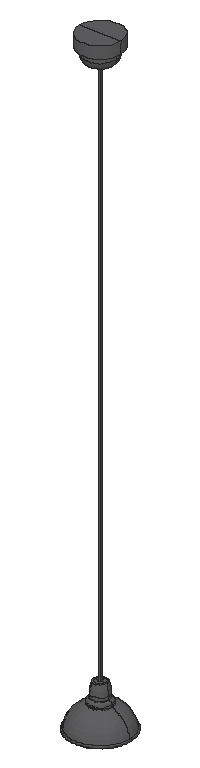
Revit family "BISTRO(8,12,14,16,18) MB", category Lighting Fixtures, Revit 2020
Family settings
  Round Connector Dimension = Use Diameter
  Part Type = Normal
  OmniClass Number = 23.80.70.00
  OmniClass Title = Lighting
  Work Plane-Based = No
  Always vertical = Yes
  Cut with Voids When Loaded = No
  Light Source = Yes
  Shared = No
  Room Calculation Point = No
Parameters (values of type "BB08")
  Weight = "1 lbs"
  Wattage Comments = "100W Max"
  Wattage = 0.68 W
  Warranty = "5 year limited warranty"  # constant formula
  built-in parameter 1150110 = 1 (stored number, unit not read)
  Voltage = 277 V
  URL = "https://www.anplighting.com/assets/Uploads/product-attachments/specification-sheets/ANP-Specification-Sheet-RLM-MB-BB08.pdf"
  built-in parameter 1114217 = 1 (stored number, unit not read)
  Tilt Angle = 90.00°
  built-in parameter 1150109 = 1 (stored number, unit not read)
  built-in parameter 1150134 = 12
  built-in parameter 1150113 = 1 (stored number, unit not read)
  Mounting Option [instance] = 1
  Power Factor = 1
  Post Mount [instance] = Mounting Option = 5  # no
  Placement X axis side [instance] = if(Post Mount, 2' 2 15/32", if(Cord or Stem Mount, 0' 0", if(E36 20 inch, 1' 8 1/4", if(E 6 26 inch, 2' 2", if(E7 41 inch, 3' 5 1/4", 0' 1")))))  # 0' - 0"
  Photometric Web File = "BB14-100GLCL-32WPL.ies"
  Model = "BB 08"
  Manufacturer = "ANP Lighting"  # constant formula
  built-in parameter 1150105 = 127.85 (stored number, unit not read)
  Lumens = 850 lm
  built-in parameter 1150115 = 1 (stored number, unit not read)
  Load Classification = Lighting
  Light Source Height [instance] = 0' - 3"
  built-in parameter 1150137 = (empty or 0)
  built-in parameter 1150139 = (empty or 0)
  Light Elevation _2 [instance] = if(Post Mount, 0' 0.66142", if(E7 41 inch, 0' 0.66142", if(E36 20 inch, 0' 1.65748", if(E 6 26 inch, 0' 1.53543", if(Cord or Stem Mount, (0' 4.3622" + Cord Length), 0' 0")))))  # 6' - 4.3622"
  Light Elevation _1 [instance] = if(Post Mount, 0' 0", if(E7 41 inch, 0' 0", if(E36 20 inch, 0' 1", if(E 6 26 inch, 0' 0.87402", if(Cord or Stem Mount, (0' 3.66142" + Cord Length), 0' 0")))))  # 6' - 3.66142"
  Light Elevation [instance] = if(Post Mount, 14' 0.5315", if(E7 41 inch, 0' 0", 0' 0"))  # 0' - 0"
  Life = "L70 50,000 hours"  # constant formula
  built-in parameter 1150112 = 1 (stored number, unit not read)
  built-in parameter 1150114 = 1 (stored number, unit not read)
  Lamp = "MB"
  built-in parameter 1150132 = 2
  built-in parameter 1150102 = (empty or 0)
  built-in parameter 1150107 = 4000 (stored number, unit not read)
  built-in parameter 1150138 = (empty or 0)
  built-in parameter 1150106 = 1.2785 (stored number, unit not read)
  Fixture Height = 0' - 5 3/4"
  Fixture Diameter = 0' - 8 1/8"
  Efficiency = "65-125 lumens per watt"  # constant formula
  built-in parameter 1150104 = 116.13 (stored number, unit not read)
  E7 41 inch [instance] = Mounting Option = 4  # no
  E36 20 inch [instance] = Mounting Option = 3  # no
  E 6 26 inch [instance] = Mounting Option = 2  # no
  Dimming Lamp Color Temperature Shift = <None>
  Dimming = "1%"  # constant formula
  Description = "120-277 Voltage"  # constant formula
  Default Elevation = 0' - 0"
  Cord or Stem Mount [instance] = Mounting Option = 1  # yes
  Cord Length option [instance] = 0
  Cord Length [instance] = if([2' Cord], 2' 0", if([4' Cord], 4' 0", if([8' Cord], 8' 0", if([10' Cord], 10' 0", if([6' Cord], 6' 0", 6' 0")))))  # 6' - 0"
  Construction Material = "Heavy Duty spun aluminum."  # constant formula
  Color Filter = 16777215
  CRI = ">90"  # constant formula
  Body Material = body
  Body Colour = "Spun aluminium"  # constant formula
  built-in parameter 1114218 = 1 (stored number, unit not read)
  BB18 = no
  BB16 = no
  BB14 = no
  BB12 = no
  BB08 = yes
  built-in parameter 1150133 = 10 (stored number, unit not read)
  Apparent Load = 100 VA
  8' Cord [instance] = Cord Length option = 8  # no
  6' Cord [instance] = Cord Length option = 6  # no
  4' Cord [instance] = Cord Length option = 4  # no
  2' Cord [instance] = Cord Length option = 2  # no
  10' Cord [instance] = Cord Length option = 10  # no
Types (6): name | Weight | Wattage Comments | Wattage | URL | Model | built-in parameter 1150105 | Lumens | Light Source Height | built-in parameter 1150106 | Fixture Height | Fixture Diameter | BB18 | BB16 | BB14 | BB12 | BB08 | Apparent Load
  (no name) | "1 lbs" | "100W Max" | 0.68 W | "https://www.anplighting.com/assets/Uploads/product-attachments/specification-sheets/ANP-Specification-Sheet-RLM-MB-BB08.pdf" | "BB 08" | 127.85 (stored number, unit not read) | 850 lm | 0' - 3" | 1.2785 (stored number, unit not read) | 0' - 5 3/4" | 0' - 8 1/8" | no | no | no | no | yes | 100 VA
  BB08 | "1 lbs" | "100W Max" | 0.68 W | "https://www.anplighting.com/assets/Uploads/product-attachments/specification-sheets/ANP-Specification-Sheet-RLM-MB-BB08.pdf" | "BB 08" | 127.85 (stored number, unit not read) | 850 lm | 0' - 3" | 1.2785 (stored number, unit not read) | 0' - 5 3/4" | 0' - 8 1/8" | no | no | no | no | yes | 100 VA
  BB12 | "1.5 lbs" | "100W Max" | 1.6 W | "https://www.anplighting.com/assets/Uploads/product-attachments/specification-sheets/ANP-Specification-Sheet-RLM-MB-BB12.pdf" | "BB 12" | 300.83 (stored number, unit not read) | 2000 lm | 0' - 6" | 3.0083 (stored number, unit not read) | 0' - 8 1/2" | 1' - 0" | no | no | no | yes | no | 100 VA
  BB14 | "1.5 lbs" | "200W Max" | 1.6 W | "https://www.anplighting.com/assets/Uploads/product-attachments/specification-sheets/ANP-Specification-Sheet-RLM-INC-BB14.pdf" | "BB 14" | 300.83 (stored number, unit not read) | 2000 lm | 0' - 6" | 3.0083 (stored number, unit not read) | 0' - 9 7/8" | 1' - 2" | no | no | yes | no | no | 200 VA
  BB16 | "1.5 lbs" | "200W Max" | 1.6 W | "https://www.anplighting.com/assets/Uploads/product-attachments/specification-sheets/ANP-Specification-Sheet-RLM-MB-BB16.pdf" | "BB 16" | 300.83 (stored number, unit not read) | 2000 lm | 0' - 6" | 3.0083 (stored number, unit not read) | 0' - 10" | 1' - 4" | no | yes | no | no | no | 200 VA
  BB18 | "2.5 lbs" | "200W Max" | 1.6 W | "https://www.anplighting.com/assets/Uploads/product-attachments/specification-sheets/ANP-Specification-Sheet-RLM-MB-BB18.pdf" | "BB 18" | 300.83 (stored number, unit not read) | 2000 lm | 0' - 6" | 3.0083 (stored number, unit not read) | 0' - 11 1/8" | 1' - 6" | yes | no | no | no | no | 200 VA
Reference planes (in)
  plane 1 "Light Source Axis (F/B)": y = 0
  plane 2: z = 0
  plane 3 "Light Source Axis (L/R)": x = 0
  plane 4 "Light Source Elevation": z = 0
  plane 5: z = 0
  plane 6: x = 0
  plane 7 "Bulb Position": z = -76.3622
  plane 8 "Canopy Position": z = -75.66142
  plane 9 "IES": z = -79.3622
Dimensions and locks (in)
  "Light Elevation": plane 5 to plane 2
  "Placement X axis side": plane 6 to plane 3 "Light Source Axis (L/R)"
  "Light Elevation _2": plane 5 to plane 7 "Bulb Position"
  "Light Elevation _1": plane 5 to plane 8 "Canopy Position"
  "Light Source Height": plane 7 "Bulb Position" to plane 9 "IES"
  locked: plane 4 "Light Source Elevation" to plane 2
  aligned and locked: level to plane 2
  aligned and locked: plane 1 "Light Source Axis (F/B)" to nested 5
  aligned and locked: nested 5 to plane 2
  aligned and locked: nested 1 to plane 3 "Light Source Axis (L/R)"
  aligned and locked: plane 3 "Light Source Axis (L/R)" to nested 2
  aligned and locked: plane 3 "Light Source Axis (L/R)" to nested 4
  aligned and locked: nested 3 to plane 5
  aligned and locked: plane 3 "Light Source Axis (L/R)" to nested 3
  aligned and locked: plane 3 "Light Source Axis (L/R)" to nested 5
  aligned and locked: plane 1 "Light Source Axis (F/B)" to nested 2
  aligned and locked: plane 1 "Light Source Axis (F/B)" to nested 1
  aligned and locked: plane 1 "Light Source Axis (F/B)" to nested 4
  aligned and locked: plane 1 "Light Source Axis (F/B)" to nested 3
  aligned and locked: plane 2 to nested 1
  aligned and locked: plane 2 to nested 2
  aligned and locked: nested 4 to plane 2
  aligned and locked: imposter light to plane 9 "IES"
  aligned and locked: imposter light to plane 6
  aligned and locked: nested 6 to plane 8 "Canopy Position"
  aligned and locked: nested 6 to plane 6
  aligned and locked: plane 8 "Canopy Position" to nested 7
  aligned and locked: nested 7 to plane 3 "Light Source Axis (L/R)"
  aligned and locked: nested 8 to plane 8 "Canopy Position"
  aligned and locked: nested 8 to plane 6
  aligned and locked: nested 9 to plane 8 "Canopy Position"
  aligned and locked: nested 9 to plane 6
  aligned and locked: nested 10 to plane 8 "Canopy Position"
  aligned and locked: nested 10 to plane 3 "Light Source Axis (L/R)"
Nested families (in)
  nested 1: "CORD OR STEM MOUNT" at (0, 0, -75.67), visible <- "Cord or Stem Mount", Cord or Stem Mount <- "Cord or Stem Mount", Body Material <- "Body Material", Light Elevation <- "Light Elevation", Cord Length <- "Cord Length", 10' Cord <- "10' Cord", 2' Cord <- "2' Cord", 4' Cord <- "4' Cord", 6' Cord <- "6' Cord", 8' Cord <- "8' Cord", type "CORD OR STEM MOUNT"
    with Light Elevation 0' - 0", Cord or Stem Mount yes, Cord Length 6' - 0", Body Material body, 8' Cord no, 6' Cord no, 4' Cord no, 2' Cord no, 10' Cord no
  nested 2: "E6 26 INCH" at (0, 0, 0), visible <- "E 6 26 inch", Chain Length <- "Cord Length", E 6 26 inch <- "E 6 26 inch", Placement X axis side <- "Placement X axis side", Body Material <- "Body Material", Light Elevation <- "Light Elevation", type "E6 26 INCH"
    with Placement X axis side 0' - 0", Light Elevation 0' - 0", E 6 26 inch no, Chain Length 6' - 0", Body Material body
  nested 3: "E7 41 INCH" at (0, 0, 0), Chain Length <- "Cord Length", visible <- "E7 41 inch", E7 41 inch <- "E7 41 inch", Placement X axis side <- "Placement X axis side", Body Material <- "Body Material", Light Elevation <- "Light Elevation", type "E7 41 INCH"
    with Placement X axis side 0' - 0", Light Elevation 0' - 0", E7 41 inch no, Chain Length 6' - 0", Body Material body
  nested 4: "E36 20 INCH" at (0, 0, 0), visible <- "E36 20 inch", E36 20 inch <- "E36 20 inch", Placement X axis side <- "Placement X axis side", Chain Length <- "Cord Length", Body Material <- "Body Material", Light Elevation <- "Light Elevation", type "E36 20 INCH"
    with Placement X axis side 0' - 0", Light Elevation 0' - 0", E36 20 inch no, Chain Length 6' - 0", Body Material body
  nested 5: "POST MOUNT" at (0, 0, 0), visible <- "Post Mount", Post Mount <- "Post Mount", Placement X axis side <- "Placement X axis side", Chain Length <- "Cord Length", Body Material <- "Body Material", Light Elevation <- "Light Elevation", type "POST MOUNT"
    with Post Mount no, Placement X axis side 0' - 0", Light Elevation 0' - 0", Chain Length 6' - 0", Body Material body
  nested 6: "BB08" at (0, 0, -75.66142), Light Elevation <- "Light Elevation", Body Material <- "Body Material", BB08 <- "BB08", visible <- "BB08", type "BB08"
    with Light Elevation 0' - 0", Body Material body, BB08 yes
  nested 7: "BB12" at (0, 0, -75.72392), visible <- "BB12", Body <- "Body Material", type "BB12"
    with Body body, Light Elevation 0' - 0", BB12 no
  nested 8: "BB14" at (0, 0, -75.72392), visible <- "BB14", Body <- "Body Material", BB14 <- "BB14", type "BB14"
    with Light Elevation 0' - 0 1/16", Body body, BB14 no
  nested 9: "BB16" at (0, 0, -75.66142), Light Elevation <- "Light Elevation", visible <- "BB16", BB16 <- "BB16", Body <- "Body Material", type "BB16"
    with Light Elevation 0' - 0", Body body, BB16 no
  nested 10: "BB18" at (0, 0, -75.66142), Light Elevation <- "Light Elevation", visible <- "BB18", BB18 <- "BB18", Body <- "Body Material", type "BB18"
    with Light Elevation 0' - 0", Body body, BB18 no
Definition of nested family "CORD OR STEM MOUNT"
  Parameters (values of type "CORD OR STEM MOUNT")
    URL = ""
    Model = ""
    Manufacturer = ""
    Light Elevation [instance] = 1' - 7.69"
    Default Elevation = 0' - 0"
    Cord or Stem Mount [instance] = yes
    Cord Length [instance] = 6' - 0"
    Body Material [instance] = none
    8' Cord [instance] = no
    6' Cord [instance] = no
    4' Cord [instance] = no
    2' Cord [instance] = no
    10' Cord [instance] = no
  Reference planes (in)
    plane 1 "Light Source Axis (F/B)": y = 0
    plane 2: z = 0
    plane 3 "Light Source Axis (L/R)": x = 0
    plane 4 "Light Source Elevation": z = 23.125
    plane 5: z = 91.69
    plane 6: z = 19.69
  Forms (in)
    Extrusion 1, void, not visible
      sketch origin (0, 0, 2.38154) x (1, 0, 0) y (0, 0, 1)
        loop
          circle (0, 4.59925) r 0.16583
      from 1.18594 to 1.75
    Extrusion 2, void, not visible
      sketch origin (0, 0, 2.38154) x (0.707107, -0.707107, 0) y (0, 0, 1)
        loop
          circle (0, 4.59925) r 0.16583
      from 1.18594 to 1.75
    Extrusion 3, void, not visible
      sketch origin (0, 0, 2.38154) x (0.707107, 0.707107, 0) y (0, 0, 1)
        loop
          circle (0, 4.59925) r 0.16583
      from 1.18594 to 1.75
    Extrusion 4, void, not visible
      sketch origin (0, 0, 2.38154) x (0, 1, 0) y (0, 0, 1)
        loop
          circle (0, 4.59925) r 0.16583
      from 1.18594 to 1.75
    Extrusion 5, void, not visible
      sketch origin (0, 0, 2.38154) x (-0.707107, 0.707107, 0) y (0, 0, 1)
        loop
          circle (0, 4.59925) r 0.16583
      from 1.18594 to 1.75
    Extrusion 6, void, not visible
      sketch origin (0, 0, 2.38154) x (-1, 0, 0) y (0, 0, 1)
        loop
          circle (0, 4.59925) r 0.20678
      from 1.18594 to 1.75
    Extrusion 7, void, not visible
      sketch origin (0, 0, 2.38154) x (-0.707107, -0.707107, 0) y (0, 0, 1)
        loop
          circle (0, 4.59925) r 0.16583
      from 1.18594 to 1.75
    Extrusion 8, void, not visible
      sketch origin (0, 0, 2.38154) x (0, -1, 0) y (0, 0, 1)
        loop
          circle (0, 4.59925) r 0.16583
      from 1.18594 to 1.75
    Revolve 9, solid, material <- "Body Material", visible <- "Cord or Stem Mount"
      sketch origin (0, 0, 174.56698) x (1, 0, 0) y (0, 0, 1)
        loop
          line (2.6875, -79.20698) -> (0, -79.20698) -> (0, -82.87698) -> (0.125, -82.87698) -> (0.125, -82.83698) -> (0.75, -82.83698)
          arc (0.75, -82.83698) -> (0.81694, -82.77004) -> (0.75, -82.7031) r 0.06694
          line (0.75, -82.7031) -> (0.89763, -82.7031) -> (1.00223, -82.5985) -> (1.06587, -82.5985)
          arc (1.06587, -82.5985) -> (1.80099, -82.29401) -> (2.10549, -81.55888) r 1.03962
          line (2.10549, -81.55888) -> (2.10549, -81.03899)
          arc (2.10549, -81.03899) -> (2.12951, -80.981) -> (2.1875, -80.95698) r 0.08201
          line (2.1875, -80.95698) -> (2.1875, -80.70698) -> (2.6875, -80.70698) -> (2.6875, -79.20698)
        axis (0, -79.20698) -> (0, -82.87698)
      angle from 0 to 360
    Revolve 10, solid, material <- "Body Material", visible <- "Cord or Stem Mount"
      sketch origin (0, 0, 0) x (1, 0, 0) y (0, 0, 1)
        loop
          line (0, 91.69) -> (-0.125, 91.69) -> (-0.125, 19.69) -> (0, 19.69) -> (0, 91.69)
        axis (0, 19.69) -> (0, 91.69)
      angle from 0 to 360
  Dimensions and locks (in)
    "Light Elevation": plane 6 to plane 2
    "Cord Length": plane 5 to plane 6
    locked: Revolve 10 sketch curve to Revolve 10 sketch curve at 0.125
    aligned and locked: level to plane 2
    aligned and locked: Revolve 10 sketch curve to plane 3 "Light Source Axis (L/R)"
    aligned and locked: Revolve 10 sketch curve to plane 6
    aligned and locked: Revolve 10 sketch curve to plane 5
    aligned and locked: plane 3 "Light Source Axis (L/R)" to Revolve 10 sketch curve
  Automatic sketch dimensions
    Revolve 9 sketch curve to plane 3 "Light Source Axis (L/R)" = 0' - 0"  (x2)
    Revolve 9 sketch curve to plane 5 = 0' - 0"
    plane 3 "Light Source Axis (L/R)" to Revolve 9 sketch curve = 0' - 0 1/8"
    Revolve 9 sketch curve to plane 5 = 0' - 0.17388"
    Revolve 9 sketch curve to Revolve 9 sketch curve = 0' - 0 5/8"
    Revolve 9 sketch curve to Revolve 9 sketch curve = 0' - 0.14763"
    Revolve 9 sketch curve to plane 5 = 0' - 0.27847"
    Revolve 9 sketch curve to Revolve 9 sketch curve = 0' - 0.1046"
    Revolve 9 sketch curve to Revolve 9 sketch curve = 0' - 0.06364"
    Revolve 9 sketch curve to Revolve 9 sketch curve = 0' - 1.03962"
    Revolve 9 sketch curve to Revolve 9 sketch curve = 0' - 0 21/256"
    Revolve 9 sketch curve to Revolve 9 sketch curve = 0' - 0 1/2"  (x2)
    Revolve 9 sketch curve to Revolve 9 sketch curve = 0' - 0.51989"
    Revolve 9 sketch curve to Revolve 9 sketch curve = 0' - 0 1/4"
    Revolve 9 sketch curve to Revolve 9 sketch curve = 0' - 2.3519"
    Revolve 9 sketch curve to Revolve 9 sketch curve = 0' - 1 1/4"
    Revolve 9 sketch curve to Revolve 9 sketch curve = 0' - 0.04"
    Revolve 10 sketch curve to Revolve 10 sketch curve = 0' - 0 1/2"
    Revolve 10 sketch curve to Revolve 10 sketch curve = 0' - 0.42345"
Definition of nested family "BB08"
  Parameters (values of type "BB08")
    Light Elevation [instance] = 4' - 0"
    Default Elevation = 0' - 0"
    Body Material [instance] = none
    BB08 [instance] = yes
  Reference planes (in)
    plane 1 "Center (Front/Back)": y = 0
    plane 2: z = 0
    plane 3 "Center (Left/Right)": x = 0
    plane 4: z = 48
  Dimensions and locks (in)
    "Light Elevation": plane 4 to plane 2
    aligned and locked: plane 2 to level
    aligned and locked: plane 3 "Center (Left/Right)" to nested 1
    aligned and locked: plane 1 "Center (Front/Back)" to nested 1
    aligned and locked: nested 1 to plane 4
  Nested families (in)
    nested 1: "BB08" at (0, 0, 39.16409), visible <- "BB08", BB08 <- "Body Material", Light Elevation <- "Light Elevation", type "BB08"
      with Light Elevation 4' - 0"
  Definition of nested family "BB08"
    Parameters (values of type "BB08")
      Light Elevation [instance] = 4' - 0"
      Default Elevation = 0' - 0"
      BB08 [instance] = none
    Reference planes (in)
      plane 1 "Center (Front/Back)": y = 0
      plane 2: z = 0
      plane 3 "Center (Left/Right)": x = 0
      plane 4: z = 48
    Forms (in)
      Revolve 1, solid, material <- "BB08"
        sketch origin (0, 0, 0) x (1, 0, 0) y (0, 0, 1)
          loop
            arc (-3.87733, 3.26014) -> (-3.96644, 3.22969) -> (-3.92857, 3.31591) r 0.05143
            line (-3.92857, 3.31591) -> (-3.92857, 3.39591)
            arc (-3.92857, 3.39591) -> (-4.03626, 3.18914) -> (-3.8051, 3.21945) r 0.13143
            line (-3.8051, 3.21945) -> (-3.78176, 3.38466)
            arc (-3.78176, 3.38466) -> (-3.02479, 5.10246) -> (-1.48389, 6.17459) r 3.46974
            arc (-1.48389, 6.17459) -> (-1.41166, 6.23003) -> (-1.38429, 6.31687) r 0.15143
            line (-1.38429, 6.31687) -> (-1.38429, 6.46284)
            arc (-1.38429, 6.46284) -> (-1.30744, 6.71439) -> (-1.11119, 6.8895) r 0.48795
            arc (-1.11119, 6.8895) -> (-1.04998, 6.94432) -> (-1.02642, 7.02304) r 0.15143
            line (-1.02642, 7.02304) -> (-1.02025, 7.40479)
            arc (-1.02025, 7.40479) -> (-0.94526, 8.08044) -> (-0.77141, 8.73763) r 4.59473
            arc (-0.77141, 8.73763) -> (-0.7615, 8.75087) -> (-0.74575, 8.75591) r 0.02714
            line (-0.74575, 8.75591) -> (-0.25, 8.75591) -> (-0.25, 8.83591) -> (-0.74575, 8.83591)
            arc (-0.74575, 8.83591) -> (-0.80792, 8.81603) -> (-0.84702, 8.76376) r 0.10714
            arc (-0.84702, 8.76376) -> (-1.02398, 8.09472) -> (-1.10022, 7.40689) r 4.67473
            line (-1.10022, 7.40689) -> (-1.10641, 7.02433)
            arc (-1.10641, 7.02433) -> (-1.11752, 6.9872) -> (-1.14639, 6.96134) r 0.07143
            arc (-1.14639, 6.96134) -> (-1.37509, 6.7571) -> (-1.46429, 6.46375) r 0.56795
            line (-1.46429, 6.46375) -> (-1.46429, 6.31687)
            arc (-1.46429, 6.31687) -> (-1.47795, 6.27485) -> (-1.51372, 6.24891) r 0.07143
            arc (-1.51372, 6.24891) -> (-3.13066, 5.09864) -> (-3.87733, 3.26014) r 3.54892
          axis (0, 8.83591) -> (0, 3.21945)
        angle from 0 to 360
    Dimensions and locks (in)
      "Light Elevation": plane 4 to plane 2
      aligned and locked: plane 2 to level
    Automatic sketch dimensions
      Revolve 1 sketch curve to Revolve 1 sketch curve = 0' - 0"  (x12)
      Revolve 1 sketch curve to plane 3 "Center (Left/Right)" = 0' - 0"
      Revolve 1 sketch curve to plane 3 "Center (Left/Right)" = 0' - 0 1/4"
      Revolve 1 sketch curve to plane 3 "Center (Left/Right)" = 0' - 0.34652"
      Revolve 1 sketch curve to Revolve 1 sketch curve = 0' - 0.00049"
      Revolve 1 sketch curve to Revolve 1 sketch curve = 0' - 0.49575"
      Revolve 1 sketch curve to plane 3 "Center (Left/Right)" = 0' - 0.89647"
      Revolve 1 sketch curve to Revolve 1 sketch curve = 0' - 0.12378"
      Revolve 1 sketch curve to Revolve 1 sketch curve = 0' - 0.00617"
      Revolve 1 sketch curve to Revolve 1 sketch curve = 0' - 0.07998"
      Revolve 1 sketch curve to Revolve 1 sketch curve = 0' - 0.07999"
      Revolve 1 sketch curve to Revolve 1 sketch curve = 0' - 0.07142"
      Revolve 1 sketch curve to Revolve 1 sketch curve = 0' - 0.48782"
      Revolve 1 sketch curve to Revolve 1 sketch curve = 0' - 0.08"  (x2)
      Revolve 1 sketch curve to Revolve 1 sketch curve = 0' - 0.07143"
      Revolve 1 sketch curve to Revolve 1 sketch curve = 0' - 3.43475"
      Revolve 1 sketch curve to Revolve 1 sketch curve = 0' - 0.02334"
      Revolve 1 sketch curve to Revolve 1 sketch curve = 0' - 0.14681"
      plane 3 "Center (Left/Right)" to Revolve 1 sketch curve = 0' - 3.57142"
      level to Revolve 1 sketch curve = 0' - 2.89656"
      Revolve 1 sketch curve to Revolve 1 sketch curve = 0' - 0.0007"
      level to Revolve 1 sketch curve = 0' - 3.21945"
      Revolve 1 sketch curve to Revolve 1 sketch curve = 0' - 0.04504"
      Revolve 1 sketch curve to Revolve 1 sketch curve = 0' - 0.05143"
      Revolve 1 sketch curve to Revolve 1 sketch curve = 0' - 0.01125"
      Revolve 1 sketch curve to Revolve 1 sketch curve = 0' - 3.41961"
      Revolve 1 sketch curve to Revolve 1 sketch curve = 0' - 0.13446"
      Revolve 1 sketch curve to Revolve 1 sketch curve = 0' - 0.14597"
      Revolve 1 sketch curve to Revolve 1 sketch curve = 0' - 0.00091"
      Revolve 1 sketch curve to Revolve 1 sketch curve = 0' - 0.5717"
      Revolve 1 sketch curve to Revolve 1 sketch curve = 0' - 0.00129"
      Revolve 1 sketch curve to Revolve 1 sketch curve = 0' - 0.00115"
      Revolve 1 sketch curve to Revolve 1 sketch curve = 0' - 0.78585"
      Revolve 1 sketch curve to Revolve 1 sketch curve = 0' - 0.38176"
      Revolve 1 sketch curve to Revolve 1 sketch curve = 0' - 0.0021"
      Revolve 1 sketch curve to Revolve 1 sketch curve = 0' - 1.32398"
      Revolve 1 sketch curve to Revolve 1 sketch curve = 0' - 0.02714"
      Revolve 1 sketch curve to Revolve 1 sketch curve = 0' - 0.02199"
      Revolve 1 sketch curve to Revolve 1 sketch curve = 0' - 0.70346"
      Revolve 1 sketch curve to Revolve 1 sketch curve = 0' - 0.60719"
Definition of nested family "E6 26 INCH"
  Parameters (values of type "E6 26 INCH")
    URL = ""
    Placement X axis side [instance] = 2' - 2"
    Model = ""
    Manufacturer = ""
    Light Elevation [instance] = 8' - 4"
    E 6 26 inch [instance] = yes
    Default Elevation = 0' - 0"
    Chain Length [instance] = 0' - 0"
    Body Material [instance] = none
  Reference planes (in)
    plane 1 "Light Source Axis (F/B)": y = 0
    plane 2: z = 0
    plane 3 "Light Source Axis (L/R)": x = 0
    plane 4 "Light Source Elevation": z = 23.125
    plane 5: z = 100
    plane 6: x = -26
    plane 7: z = 99.125
    plane 8: x = -24.12
    plane 9: x = -25.5474
  Forms (in)
    Extrusion 1, void, not visible
      sketch origin (0, 0, 2.38154) x (1, 0, 0) y (0, 0, 1)
        loop
          circle (0, 4.59925) r 0.16583
      from 1.18594 to 1.75
    Extrusion 2, void, not visible
      sketch origin (0, 0, 2.38154) x (0.707107, -0.707107, 0) y (0, 0, 1)
        loop
          circle (0, 4.59925) r 0.16583
      from 1.18594 to 1.75
    Extrusion 3, void, not visible
      sketch origin (0, 0, 2.38154) x (0.707107, 0.707107, 0) y (0, 0, 1)
        loop
          circle (0, 4.59925) r 0.16583
      from 1.18594 to 1.75
    Extrusion 4, void, not visible
      sketch origin (0, 0, 2.38154) x (0, 1, 0) y (0, 0, 1)
        loop
          circle (0, 4.59925) r 0.16583
      from 1.18594 to 1.75
    Extrusion 5, void, not visible
      sketch origin (0, 0, 2.38154) x (-0.707107, 0.707107, 0) y (0, 0, 1)
        loop
          circle (0, 4.59925) r 0.16583
      from 1.18594 to 1.75
    Extrusion 6, void, not visible
      sketch origin (0, 0, 2.38154) x (-1, 0, 0) y (0, 0, 1)
        loop
          circle (0, 4.59925) r 0.20678
      from 1.18594 to 1.75
    Extrusion 7, void, not visible
      sketch origin (0, 0, 2.38154) x (-0.707107, -0.707107, 0) y (0, 0, 1)
        loop
          circle (0, 4.59925) r 0.16583
      from 1.18594 to 1.75
    Extrusion 8, void, not visible
      sketch origin (0, 0, 2.38154) x (0, -1, 0) y (0, 0, 1)
        loop
          circle (0, 4.59925) r 0.16583
      from 1.18594 to 1.75
    Sweep 9, solid, material <- "Body Material", visible <- "E 6 26 inch"
      path origin (-41.25, 0, 168.51693) x (1, 0, 0) y (0, 0, 1)
        loop
          line (17.13, -68.51693) -> (27.68551, -68.51693)
          arc (27.68551, -68.51693) -> (28.47996, -68.34486) -> (29.13202, -67.8595) r 1.92004
          line (29.13202, -67.8595) -> (34.23651, -62.01155)
          arc (34.23651, -62.01155) -> (38.65464, -60.89667) -> (41.25, -64.64193) r 4
          line (41.25, -64.64193) -> (41.25, -69.39193)
      profile origin (-18.84224, 0, 100) x (0, 0, 1) y (0, -1, 0)
        loop
          circle (0, 0) r 0.5
    Revolve 10, solid, material <- "Body Material", visible <- "E 6 26 inch"
      sketch origin (-26, 0, 168.51693) x (1, 0, 0) y (0, 0, 1)
        loop
          line (0, -66.07943) -> (0, -68.51693) -> (1.88, -68.51693) -> (1.88, -67.69272) -> (0.4526, -67.69272) -> (0.4526, -66.54122) -> (0.33125, -66.54122) -> (0.33125, -66.07943) -> (0, -66.07943)
        axis (0, -68.51693) -> (1.88, -68.51693)
      angle from 0 to 360
    Extrusion 11, solid, material <- "Body Material", visible <- "E 6 26 inch"
      sketch origin (-26, 0, 168.51693) x (0, -1, 0) y (0, 0, -1)
        loop
          line (0.25, 68.51693) -> (0.25, 69.51693) -> (-0.25, 69.51693) -> (-0.25, 68.51693) -> (0.25, 68.51693)
      from 0.4526 to 1.88
  Cuts and joins
    joined: Revolve 10, Extrusion 11
  Dimensions and locks (in)
    "Light Elevation": plane 5 to plane 2
    "Placement X axis side": plane 3 "Light Source Axis (L/R)" to plane 6
    locked: plane 5 to plane 7 at 0.875
    Revolve 10 sketch curve to Revolve 10 sketch curve to Revolve 10 sketch curve to plane 6 = 0' - 1.4274" locked, 0' - 0.12135" locked, 0' - 0.33125" locked
    Revolve 10 sketch curve to Revolve 10 sketch curve to Revolve 10 sketch curve to plane 5 = 0' - 0.46179" locked, 0' - 1.1515" locked, 0' - 0 211/256" locked
    locked: Sweep 9 sketch curve to plane 6 at 1.88
    locked: Sweep 9 sketch curve to Sweep 9 sketch curve at 10.55551
    locked: Sweep 9 sketch curve to Sweep 9 sketch curve at 13.56449
    locked: Sweep 9 sketch curve to Sweep 9 sketch curve at 4.75
    locked: plane 9 to plane 6 at 0.4526
    locked: plane 8 to plane 9 at 1.4274
    aligned and locked: level to plane 2
    aligned and locked: Revolve 10 sketch curve to plane 6
    aligned and locked: plane 5 to Revolve 10 sketch curve
    aligned and locked: Revolve 10 sketch curve to plane 5
    aligned and locked: cut or joined group of Revolve 10, Extrusion 11 to plane 9
    aligned and locked: plane 8 to cut or joined group of Revolve 10, Extrusion 11
  Automatic sketch dimensions
    Sweep 9 sketch curve to plane 5 = 0' - 0"
    Sweep 9 sketch curve to Sweep 9 sketch curve = 0' - 4"
    Sweep 9 sketch curve to Sweep 9 sketch curve = 0' - 3.01349"
    plane 5 to Sweep 9 sketch curve = 0' - 0.65743"
    Sweep 9 sketch curve to Sweep 9 sketch curve = 0' - 1.4465"
    Sweep 9 sketch curve to plane 5 = 0' - 0 7/8"
    profile plane to Sweep 9 sketch curve = 0' - 0"
    Sweep 9 sketch curve to profile plane = 0' - 0"
    plane 6 to Revolve 10 sketch curve = 0' - 0.62562"
    Revolve 10 sketch curve to Revolve 10 sketch curve = 0' - 0 1/2"
    Extrusion 11 sketch curve to plane 5 = 0' - 0"
    plane 1 "Light Source Axis (F/B)" to Extrusion 11 sketch curve = 0' - 0 1/4"
    Extrusion 11 sketch curve to plane 1 "Light Source Axis (F/B)" = 0' - 0 1/4"
    plane 5 to Extrusion 11 sketch curve = 0' - 1"
    radius of Sweep 9 sketch curve = 0' - 0 1/2"
Definition of nested family "E7 41 INCH"
  Parameters (values of type "E7 41 INCH")
    URL = ""
    Placement X axis side [instance] = 4' - 2"
    Model = ""
    Manufacturer = ""
    Light Elevation [instance] = 8' - 4"
    E7 41 inch [instance] = yes
    Default Elevation = 0' - 0"
    Chain Length [instance] = 0' - 0"
    Body Material [instance] = none
  Reference planes (in)
    plane 1 "Light Source Axis (F/B)": y = 0
    plane 2: z = 0
    plane 3 "Light Source Axis (L/R)": x = 0
    plane 4 "Light Source Elevation": z = 23.125
    plane 5: z = 100
    plane 6: x = -50
  Forms (in)
    Extrusion 1, void, not visible
      sketch origin (0, 0, 2.38154) x (1, 0, 0) y (0, 0, 1)
        loop
          circle (0, 4.59925) r 0.16583
      from 1.18594 to 1.75
    Extrusion 2, void, not visible
      sketch origin (0, 0, 2.38154) x (0.707107, -0.707107, 0) y (0, 0, 1)
        loop
          circle (0, 4.59925) r 0.16583
      from 1.18594 to 1.75
    Extrusion 3, void, not visible
      sketch origin (0, 0, 2.38154) x (0.707107, 0.707107, 0) y (0, 0, 1)
        loop
          circle (0, 4.59925) r 0.16583
      from 1.18594 to 1.75
    Extrusion 4, void, not visible
      sketch origin (0, 0, 2.38154) x (0, 1, 0) y (0, 0, 1)
        loop
          circle (0, 4.59925) r 0.16583
      from 1.18594 to 1.75
    Extrusion 5, void, not visible
      sketch origin (0, 0, 2.38154) x (-0.707107, 0.707107, 0) y (0, 0, 1)
        loop
          circle (0, 4.59925) r 0.16583
      from 1.18594 to 1.75
    Extrusion 6, void, not visible
      sketch origin (0, 0, 2.38154) x (-1, 0, 0) y (0, 0, 1)
        loop
          circle (0, 4.59925) r 0.20678
      from 1.18594 to 1.75
    Extrusion 7, void, not visible
      sketch origin (0, 0, 2.38154) x (-0.707107, -0.707107, 0) y (0, 0, 1)
        loop
          circle (0, 4.59925) r 0.16583
      from 1.18594 to 1.75
    Extrusion 8, void, not visible
      sketch origin (0, 0, 2.38154) x (0, -1, 0) y (0, 0, 1)
        loop
          circle (0, 4.59925) r 0.16583
      from 1.18594 to 1.75
    Revolve 9, solid, material <- "Body Material", visible <- "E7 41 inch"
      sketch origin (-41.25, 0, 168.39193) x (1, 0, 0) y (0, 0, 1)
        loop
          line (-8.75, -66.20443) -> (-8.75, -68.51693) -> (-6.87, -68.51693) -> (-6.87, -67.69272) -> (-8.2974, -67.69272) -> (-8.2974, -66.54122) -> (-8.41875, -66.54122) -> (-8.41875, -66.20443) -> (-8.75, -66.20443)
        axis (-8.75, -68.51693) -> (-6.87, -68.51693)
      angle from 0 to 360
    Extrusion 10, solid, material <- "Body Material", visible <- "E7 41 inch"
      sketch origin (-41.25, 0, 168.39193) x (0, -1, 0) y (0, 0, -1)
        loop
          line (0.25, 68.51693) -> (0.25, 69.51693) -> (-0.25, 69.51693) -> (-0.25, 68.51693) -> (0.25, 68.51693)
      from -8.2974 to -6.87
    Sweep 11, solid, material <- "Body Material", visible <- "E7 41 inch"
      path origin (-41.25, 0, 168.39193) x (1, 0, 0) y (0, 0, 1)
        loop
          line (-6.87, -68.51693) -> (16.04011, -68.51693)
          arc (16.04011, -68.51693) -> (17.864, -68.13651) -> (19.38375, -67.0587) r 4.5625
          line (19.38375, -67.0587) -> (24.70217, -61.33018)
          arc (24.70217, -61.33018) -> (29.64465, -60.20324) -> (32.5, -64.39193) r 4.5
          line (32.5, -64.39193) -> (32.5, -68.39193)
      profile origin (-36.66494, 0, 99.875) x (0, 0, 1) y (0, -1, 0)
        loop
          circle (0, 0) r 0.5
  Dimensions and locks (in)
    "Placement X axis side": plane 3 "Light Source Axis (L/R)" to plane 6
    "Light Elevation": plane 5 to plane 2
    locked: Revolve 9 sketch curve to Revolve 9 sketch curve at 0.33125
    locked: Revolve 9 sketch curve to Revolve 9 sketch curve at 0.4526
    locked: Revolve 9 sketch curve to Revolve 9 sketch curve at 1.88
    locked: Revolve 9 sketch curve to Revolve 9 sketch curve at 0.82421
    locked: Revolve 9 sketch curve to Revolve 9 sketch curve at 1.1515
    locked: Revolve 9 sketch curve to Revolve 9 sketch curve at 0.33679
    locked: plane 5 to Revolve 9 sketch curve at 0.125
    locked: Extrusion 10 sketch curve to Extrusion 10 sketch curve at 0.5
    locked: Extrusion 10 sketch curve to Extrusion 10 sketch curve at 1
    locked: plane 5 to Extrusion 10 sketch curve at 0.125
    locked: plane 5 to Sweep 11 sketch curve at 0.125
    locked: Sweep 11 sketch curve to Sweep 11 sketch curve at 39.37
    locked: Sweep 11 sketch curve to Sweep 11 sketch curve at 4
    locked: plane 6 to Extrusion 10 at 0.4526
    locked: Sweep 11 sketch curve to plane 6 at 1.88
    locked: Extrusion 10 to Extrusion 10 at 1.4274
    aligned and locked: plane 2 to level
    aligned and locked: Revolve 9 sketch curve to plane 6
  Automatic sketch dimensions
    Revolve 9 sketch curve to plane 5 = 0' - 0 1/8"
    plane 6 to Revolve 9 sketch curve = 0' - 0.62562"
    Revolve 9 sketch curve to Revolve 9 sketch curve = 0' - 0 1/2"
    plane 1 "Light Source Axis (F/B)" to Extrusion 10 sketch curve = 0' - 0 1/4"
    Sweep 11 sketch curve to plane 5 = 0' - 0"
    Sweep 11 sketch curve to Sweep 11 sketch curve = 0' - 4 1/2"
    Sweep 11 sketch curve to Sweep 11 sketch curve = 0' - 3.29783"
    plane 5 to Sweep 11 sketch curve = 0' - 1.33323"
    Sweep 11 sketch curve to Sweep 11 sketch curve = 0' - 5.31842"
    Sweep 11 sketch curve to Sweep 11 sketch curve = 0' - 3.34364"
    profile plane to Sweep 11 sketch curve = 0' - 0"
    Sweep 11 sketch curve to profile plane = 0' - 0"
    radius of Sweep 11 sketch curve = 0' - 0 1/2"
Definition of nested family "E36 20 INCH"
  Parameters (values of type "E36 20 INCH")
    URL = ""
    Placement X axis side [instance] = 1' - 8 1/4"
    Model = ""
    Manufacturer = ""
    Light Elevation [instance] = 8' - 4"
    E36 20 inch [instance] = yes
    Default Elevation = 0' - 0"
    Chain Length [instance] = 0' - 0"
    Body Material [instance] = none
  Reference planes (in)
    plane 1 "Light Source Axis (F/B)": y = 0
    plane 2: z = 0
    plane 3 "Light Source Axis (L/R)": x = 0
    plane 4 "Light Source Elevation": z = 23.125
    plane 5: z = 99
    plane 6: x = -20.25
    plane 7: z = 100
    plane 8: x = -18.37008
    plane 9: x = -19.79724
  Forms (in)
    Extrusion 1, void, not visible
      sketch origin (0, 0, 2.38154) x (1, 0, 0) y (0, 0, 1)
        loop
          circle (0, 4.59925) r 0.16583
      from 1.18594 to 1.75
    Extrusion 2, void, not visible
      sketch origin (0, 0, 2.38154) x (0.707107, -0.707107, 0) y (0, 0, 1)
        loop
          circle (0, 4.59925) r 0.16583
      from 1.18594 to 1.75
    Extrusion 3, void, not visible
      sketch origin (0, 0, 2.38154) x (0.707107, 0.707107, 0) y (0, 0, 1)
        loop
          circle (0, 4.59925) r 0.16583
      from 1.18594 to 1.75
    Extrusion 4, void, not visible
      sketch origin (0, 0, 2.38154) x (0, 1, 0) y (0, 0, 1)
        loop
          circle (0, 4.59925) r 0.16583
      from 1.18594 to 1.75
    Extrusion 5, void, not visible
      sketch origin (0, 0, 2.38154) x (-0.707107, 0.707107, 0) y (0, 0, 1)
        loop
          circle (0, 4.59925) r 0.16583
      from 1.18594 to 1.75
    Extrusion 6, void, not visible
      sketch origin (0, 0, 2.38154) x (-1, 0, 0) y (0, 0, 1)
        loop
          circle (0, 4.59925) r 0.20678
      from 1.18594 to 1.75
    Extrusion 7, void, not visible
      sketch origin (0, 0, 2.38154) x (-0.707107, -0.707107, 0) y (0, 0, 1)
        loop
          circle (0, 4.59925) r 0.16583
      from 1.18594 to 1.75
    Extrusion 8, void, not visible
      sketch origin (0, 0, 2.38154) x (0, -1, 0) y (0, 0, 1)
        loop
          circle (0, 4.59925) r 0.16583
      from 1.18594 to 1.75
    Sweep 9, solid, material <- "Body Material", visible <- "E36 20 inch"
      path origin (-41.25, 0, 169.51693) x (1, 0, 0) y (0, 0, 1)
        loop
          line (22.88, -69.51693) -> (28.93827, -69.51693)
          arc (28.93827, -69.51693) -> (29.97705, -69.28152) -> (30.81284, -68.62128) r 2.40953
          line (30.81284, -68.62128) -> (34.13807, -64.50378)
          arc (34.13807, -64.50378) -> (38.58272, -63.24548) -> (41.25, -67.01693) r 4
          line (41.25, -67.01693) -> (41.25, -70.51693)
      profile origin (-15.34086, 0, 100) x (0, 0, 1) y (0, -1, 0)
        loop
          circle (0, 0) r 0.5
    Revolve 10, solid, material <- "Body Material", visible <- "E36 20 inch"
      sketch origin (-20.25, 0, 169.51693) x (1, 0, 0) y (0, 0, 1)
        loop
          line (0, -67.20443) -> (0, -69.51693) -> (1.88, -69.51693) -> (1.88, -68.69272) -> (0.4526, -68.69272) -> (0.4526, -67.54122) -> (0.33125, -67.54122) -> (0.33125, -67.20443) -> (0, -67.20443)
        axis (0, -69.51693) -> (1.88, -69.51693)
      angle from 0 to 360
    Extrusion 11, solid, material <- "Body Material", visible <- "E36 20 inch"
      sketch origin (-20.25, 0, 169.51693) x (0, -1, 0) y (0, 0, -1)
        loop
          line (0.25, 69.51693) -> (0.25, 70.51693) -> (-0.25, 70.51693) -> (-0.25, 69.51693) -> (0.25, 69.51693)
      from 1.87992 to 0.45276
  Cuts and joins
    joined: Revolve 10, Extrusion 11
  Dimensions and locks (in)
    "Light Elevation": plane 7 to plane 2
    "Placement X axis side": plane 3 "Light Source Axis (L/R)" to plane 6
    locked: plane 7 to plane 5 at 1
    Revolve 10 sketch curve to Revolve 10 sketch curve to Revolve 10 sketch curve to plane 7 = 0' - 0.33679" locked, 0' - 1.1515" locked, 0' - 0 211/256" locked
    locked: Sweep 9 sketch curve to plane 6 at 1.88
    locked: Sweep 9 sketch curve to Sweep 9 sketch curve at 6.05827
    locked: Sweep 9 sketch curve to Sweep 9 sketch curve at 12.31173
    locked: Sweep 9 sketch curve to Sweep 9 sketch curve at 3.5
    Revolve 10 sketch curve to Revolve 10 sketch curve to Revolve 10 sketch curve to plane 6 = 0' - 1.4274" locked, 0' - 0.12135" locked, 0' - 0.33125" locked
    locked: plane 9 to plane 6 at 0.45276
    locked: plane 8 to plane 9 at 1.42717
    aligned and locked: level to plane 2
    aligned and locked: plane 7 to Revolve 10 sketch curve
    aligned and locked: Revolve 10 sketch curve to plane 7
    aligned and locked: Revolve 10 sketch curve to plane 6
    aligned and locked: cut or joined group of Revolve 10, Extrusion 11 to plane 9
    aligned and locked: plane 8 to cut or joined group of Revolve 10, Extrusion 11
  Automatic sketch dimensions
    Sweep 9 sketch curve to plane 7 = 0' - 0"
    Sweep 9 sketch curve to plane 5 = 0' - 0"
    Sweep 9 sketch curve to Sweep 9 sketch curve = 0' - 4"
    Sweep 9 sketch curve to plane 7 = 0' - 0.89565"
    Sweep 9 sketch curve to Sweep 9 sketch curve = 0' - 3.32523"
    Sweep 9 sketch curve to Sweep 9 sketch curve = 0' - 1.87457"
    profile plane to Sweep 9 sketch curve = 0' - 0"
    Sweep 9 sketch curve to profile plane = 0' - 0"
    plane 6 to Revolve 10 sketch curve = 0' - 0.62562"
    Revolve 10 sketch curve to Revolve 10 sketch curve = 0' - 0 1/2"
    plane 7 to Extrusion 11 sketch curve = 0' - 0"
    Extrusion 11 sketch curve to plane 5 = 0' - 0"
    plane 1 "Light Source Axis (F/B)" to Extrusion 11 sketch curve = 0' - 0 1/4"
    Extrusion 11 sketch curve to plane 1 "Light Source Axis (F/B)" = 0' - 0 1/4"
    radius of Sweep 9 sketch curve = 0' - 0 1/2"
Definition of nested family "POST MOUNT"
  Parameters (values of type "POST MOUNT")
    URL = ""
    Post Mount [instance] = yes
    Placement X axis side [instance] = 2' - 2 1/2"
    Model = ""
    Manufacturer = ""
    Light Elevation [instance] = 14' - 0.5168"
    Default Elevation = 0' - 0"
    Chain Length [instance] = 0' - 0"
    Body Material [instance] = none
  Reference planes (in)
    plane 1 "Light Source Axis (F/B)": y = 0
    plane 2: z = 0
    plane 3 "Light Source Axis (L/R)": x = 0
    plane 4 "Light Source Elevation": z = 23.125
    plane 5: x = -26.5
    plane 6: z = 168.5168
  Forms (in)
    Extrusion 1, void, not visible
      sketch origin (0, 0, 2.38154) x (1, 0, 0) y (0, 0, 1)
        loop
          circle (0, 4.59925) r 0.16583
      from 1.18594 to 1.75
    Extrusion 2, void, not visible
      sketch origin (0, 0, 2.38154) x (0.707107, -0.707107, 0) y (0, 0, 1)
        loop
          circle (0, 4.59925) r 0.16583
      from 1.18594 to 1.75
    Extrusion 3, void, not visible
      sketch origin (0, 0, 2.38154) x (0.707107, 0.707107, 0) y (0, 0, 1)
        loop
          circle (0, 4.59925) r 0.16583
      from 1.18594 to 1.75
    Extrusion 4, void, not visible
      sketch origin (0, 0, 2.38154) x (0, 1, 0) y (0, 0, 1)
        loop
          circle (0, 4.59925) r 0.16583
      from 1.18594 to 1.75
    Extrusion 5, void, not visible
      sketch origin (0, 0, 2.38154) x (-0.707107, 0.707107, 0) y (0, 0, 1)
        loop
          circle (0, 4.59925) r 0.16583
      from 1.18594 to 1.75
    Extrusion 6, void, not visible
      sketch origin (0, 0, 2.38154) x (-1, 0, 0) y (0, 0, 1)
        loop
          circle (0, 4.59925) r 0.20678
      from 1.18594 to 1.75
    Extrusion 7, void, not visible
      sketch origin (0, 0, 2.38154) x (-0.707107, -0.707107, 0) y (0, 0, 1)
        loop
          circle (0, 4.59925) r 0.16583
      from 1.18594 to 1.75
    Extrusion 8, void, not visible
      sketch origin (0, 0, 2.38154) x (0, -1, 0) y (0, 0, 1)
        loop
          circle (0, 4.59925) r 0.16583
      from 1.18594 to 1.75
    Revolve 9, solid, material <- "Body Material", visible <- "Post Mount"
      sketch origin (-7.90508, 0, 0) x (1, 0, 0) y (0, 0, 1)
        loop
          line (-18.59492, 3.92912) -> (-16.29831, 3.92912) -> (-16.29831, 4.2668) -> (-16.91413, 4.2668) -> (-16.91413, 134.5168) -> (-17.16413, 134.5168) -> (-17.16413, 137.3918) -> (-17.05979, 137.3918)
          arc (-17.05979, 137.3918) -> (-16.93479, 137.5168) -> (-17.05979, 137.6418) r 0.125
          line (-17.05979, 137.6418) -> (-17.48032, 137.6418) -> (-17.48032, 139.0793) -> (-17.73032, 139.0793) -> (-17.73032, 139.5793) -> (-18.59492, 139.5793) -> (-18.59492, 3.92912)
        axis (-18.59492, 139.5793) -> (-18.59492, 3.92912)
      angle from 0 to 360
    Extrusion 10, solid, material <- "Body Material", visible <- "Post Mount"
      sketch origin (0, 0, 0) x (1, 0, 0) y (0, 1, 0)
        loop
          line (-20.5, 5.93079) -> (-32.5, 5.93079) -> (-32.5, -6.06921) -> (-20.5, -6.06921) -> (-20.5, 5.93079)
      from 0 to 3.92912
    Sweep 11, solid, material <- "Body Material", visible <- "Post Mount"
      path origin (0, 0, 48.5) x (1, 0, 0) y (0, 0, 1)
        loop
          line (0, 120.0168) -> (0, 128.0168)
          arc (0, 128.0168) -> (-13.25, 141.2668) -> (-26.5, 128.0168) r 13.25
          line (-26.5, 128.0168) -> (-26.5, 91.0793)
      profile origin (0, 0, 172.5168) x (-1, 0, 0) y (0, -1, 0)
        loop
          circle (0, 0) r 0.5
    Revolve 12, solid, material <- "Body Material", visible <- "Post Mount"
      sketch origin (0, 0, 0) x (1, 0, 0) y (0, 0, 1)
        loop
          line (0, 168.5168) -> (0.75, 168.5168) -> (0.75, 170.7668) -> (0, 170.7668) -> (0, 168.5168)
        axis (0, 170.7668) -> (0, 168.5168)
      angle from 0 to 360
  Cuts and joins
    joined: Revolve 9, Extrusion 10, Sweep 11, Revolve 12
  Dimensions and locks (in)
    "Placement X axis side": plane 3 "Light Source Axis (L/R)" to plane 5
    "Light Elevation": plane 6 to plane 2
    locked: Revolve 12 sketch curve to plane 5 at 26.5  (x2)
    locked: Revolve 9 sketch curve to plane 2 at 3.92912
    locked: Revolve 9 sketch curve to plane 5 at 2.29661
    locked: Revolve 9 sketch curve to plane 5 at 1.68079
    locked: Revolve 9 sketch curve to plane 5 at 1.43079
    locked: Revolve 9 sketch curve to plane 5 at 1.11461
    locked: Revolve 9 sketch curve to plane 5 at 0.86461
    locked: Revolve 9 sketch curve to Revolve 9 sketch curve at 130.58768
    locked: Revolve 9 sketch curve to Revolve 9 sketch curve at 2.875
    locked: Revolve 9 sketch curve to Revolve 9 sketch curve at 0.25
    locked: Revolve 9 sketch curve to Revolve 9 sketch curve at 1.4375
    locked: Revolve 9 sketch curve to Revolve 9 sketch curve at 0.5
    locked: Sweep 11 sketch curve to Sweep 11 sketch curve at 26.5
    locked: Revolve 12 sketch curve to Revolve 12 sketch curve at 0.75
    locked: cut or joined group of Revolve 9, Extrusion 10, Sweep 11, Revolve 12 to plane 2 at 139.5793
    aligned and locked: level to plane 2
    aligned and locked: plane 5 to Sweep 11 sketch curve
    aligned and locked: Revolve 9 sketch curve to plane 5
  Automatic sketch dimensions
    Revolve 9 sketch curve to plane 5 = 0' - 0"
    Revolve 9 sketch curve to Revolve 9 sketch curve = 0' - 0.10434"
    Revolve 9 sketch curve to Revolve 9 sketch curve = 0' - 0.33768"
    Revolve 9 sketch curve to Revolve 9 sketch curve = 0' - 0 1/4"
    Revolve 9 sketch curve to Revolve 9 sketch curve = 0' - 0 7/16"
    Extrusion 10 sketch curve to plane 5 = 0' - 6"
    plane 5 to Extrusion 10 sketch curve = 0' - 6"
    plane 1 "Light Source Axis (F/B)" to Extrusion 10 sketch curve = 0' - 6.06921"
    Extrusion 10 sketch curve to plane 1 "Light Source Axis (F/B)" = 0' - 5.93079"
    Sweep 11 sketch curve to profile plane = 0' - 0"
    profile plane to Sweep 11 sketch curve = 0' - 0"
    Sweep 11 sketch curve to plane 6 = 0' - 0"
    Sweep 11 sketch curve to plane 6 = 0' - 8"
    plane 6 to Sweep 11 sketch curve = 2' - 4 15/16"
    Revolve 12 sketch curve to plane 6 = 0' - 0"
    Revolve 12 sketch curve to plane 6 = 0' - 2 1/4"
    Revolve 12 sketch curve to Revolve 12 sketch curve = 0' - 0 1/2"
    Revolve 12 sketch curve to Revolve 12 sketch curve = 0' - 0"
    radius of Sweep 11 sketch curve = 0' - 0 1/2"
Definition of nested family "BB12"
  Parameters
    Light Elevation = 4' - 0"
    Default Elevation = 0' - 0"
    Body [instance] = none
    BB12 = yes
  Reference planes (in)
    plane 1 "Center (Front/Back)": y = 0
    plane 2: z = 0
    plane 3 "Center (Left/Right)": x = 0
    plane 4: z = 48
  Dimensions and locks (in)
    "Light Elevation": plane 4 to plane 2
    aligned and locked: plane 2 to level
    aligned and locked: plane 3 "Center (Left/Right)" to nested 1
    aligned and locked: nested 1 to plane 4
    aligned and locked: plane 1 "Center (Front/Back)" to nested 1
  Nested families (in)
    nested 1: "BB12" at (0, 0, 34.64786), visible <- "BB12", BB12 <- "Body", type "BB12"
      with BB12 none
  Definition of nested family "BB12"
    Parameters (values of type "BB12")
      Default Elevation = 0' - 0"
      BB12 [instance] = none
    Reference planes (in)
      plane 1 "Center (Front/Back)": y = 0
      plane 2: z = 0
      plane 3 "Center (Left/Right)": x = 0
    Forms (in)
      Revolve 1, solid, material <- "BB12"
        sketch origin (0, 0, 0) x (1, 0, 0) y (0, 0, 1)
          loop
            arc (-5.81751, 5.05889) -> (-5.84851, 5.02628) -> (-5.89187, 5.01427) r 0.08427
            arc (-5.89187, 5.01427) -> (-5.9365, 5.05889) -> (-5.89187, 5.10352) r 0.04462
            line (-5.89187, 5.10352) -> (-5.89187, 5.16602)
            arc (-5.89187, 5.16602) -> (-5.999, 5.05889) -> (-5.89187, 4.95177) r 0.10712
            arc (-5.89187, 4.95177) -> (-5.81051, 4.97638) -> (-5.75644, 5.04197) r 0.14677
            arc (-5.75644, 5.04197) -> (-4.64777, 7.76842) -> (-2.25021, 9.47557) r 5.27177
            arc (-2.25021, 9.47557) -> (-2.16578, 9.53725) -> (-2.13356, 9.63671) r 0.16963
            line (-2.13356, 9.63671) -> (-2.13356, 9.8563)
            arc (-2.13356, 9.8563) -> (-2.00944, 10.26358) -> (-1.6918, 10.54713) r 0.78929
            arc (-1.6918, 10.54713) -> (-1.62324, 10.60854) -> (-1.59684, 10.69671) r 0.16962
            line (-1.59684, 10.69671) -> (-1.58758, 11.26983)
            arc (-1.58758, 11.26983) -> (-1.47421, 12.29189) -> (-1.21125, 13.28602) r 6.94842
            arc (-1.21125, 13.28602) -> (-1.17542, 13.33392) -> (-1.11844, 13.35214) r 0.09819
            line (-1.11844, 13.35214) -> (-0.25, 13.35214) -> (-0.25, 13.41464) -> (-1.11844, 13.41464)
            arc (-1.11844, 13.41464) -> (-1.21169, 13.38482) -> (-1.27032, 13.30643) r 0.16069
            arc (-1.27032, 13.30643) -> (-1.53571, 12.30304) -> (-1.65006, 11.27147) r 7.01092
            line (-1.65006, 11.27147) -> (-1.65933, 10.69772)
            arc (-1.65933, 10.69772) -> (-1.676, 10.64204) -> (-1.7193, 10.60326) r 0.10712
            arc (-1.7193, 10.60326) -> (-2.06229, 10.29695) -> (-2.19606, 9.85699) r 0.85179
            line (-2.19606, 9.85699) -> (-2.19606, 9.63671)
            arc (-2.19606, 9.63671) -> (-2.21656, 9.5737) -> (-2.27021, 9.53479) r 0.10713
            arc (-2.27021, 9.53479) -> (-4.69332, 7.81156) -> (-5.81751, 5.05889) r 5.33427
          axis (0, 13.41464) -> (0, 4.95177)
        angle from 0 to 360
    Dimensions and locks (in)
      aligned and locked: plane 2 to level
Definition of nested family "BB14"
  Parameters (values of type "BB14")
    Light Elevation [instance] = 4' - 0"
    Default Elevation = 0' - 0"
    Body [instance] = none
    BB14 [instance] = yes
  Reference planes (in)
    plane 1 "Center (Front/Back)": y = 0
    plane 2: z = 0
    plane 3 "Center (Left/Right)": x = 0
    plane 4: z = 48
  Dimensions and locks (in)
    "Light Elevation": plane 4 to plane 2
    aligned and locked: plane 2 to level
    aligned and locked: plane 1 "Center (Front/Back)" to nested 1
    aligned and locked: plane 3 "Center (Left/Right)" to nested 1
    aligned and locked: nested 1 to plane 4
  Nested families (in)
    nested 1: "BB14" at (0, 0, 35.2813), BB14 <- "Body", visible <- "BB14", type "BB14"
      with BB14 none
  Definition of nested family "BB14"
    Parameters (values of type "BB14")
      Default Elevation = 0' - 0"
      BB14 [instance] = none
    Reference planes (in)
      plane 1 "Center (Front/Back)": y = 0
      plane 2: z = 0
      plane 3 "Center (Left/Right)": x = 0
    Forms (in)
      Revolve 1, solid, material <- "BB14"
        sketch origin (0, 0, 0) x (1, 0, 0) y (0, 0, 1)
          loop
            line (-0.25, 12.7187) -> (-1.30507, 12.7187)
            arc (-1.30507, 12.7187) -> (-1.41387, 12.68391) -> (-1.48229, 12.59243) r 0.1875
            arc (-1.48229, 12.59243) -> (-1.79196, 11.42162) -> (-1.92539, 10.21792) r 8.18077
            line (-1.92539, 10.21792) -> (-1.93621, 9.54843)
            arc (-1.93621, 9.54843) -> (-1.95567, 9.48346) -> (-2.00619, 9.43821) r 0.125
            arc (-2.00619, 9.43821) -> (-2.4064, 9.08079) -> (-2.5625, 8.56742) r 0.99392
            line (-2.5625, 8.56742) -> (-2.5625, 8.31039)
            arc (-2.5625, 8.31039) -> (-2.58642, 8.23685) -> (-2.64902, 8.19146) r 0.125
            arc (-2.64902, 8.19146) -> (-5.45401, 6.20741) -> (-6.63151, 2.97973) r 5.76315
            arc (-6.63151, 2.97973) -> (-6.65567, 2.92809) -> (-6.70839, 2.90698) r 0.07637
            line (-6.70839, 2.90698) -> (-6.86517, 2.90698)
            arc (-6.86517, 2.90698) -> (-6.93731, 2.96377) -> (-6.875, 3.0312) r 0.0625
            line (-6.875, 3.0312) -> (-6.875, 3.0937)
            arc (-6.875, 3.0937) -> (-6.99981, 2.96173) -> (-6.86108, 2.84448) r 0.125
            line (-6.86108, 2.84448) -> (-6.70839, 2.84448)
            arc (-6.70839, 2.84448) -> (-6.61253, 2.88287) -> (-6.56967, 2.97681) r 0.13887
            arc (-6.56967, 2.97681) -> (-5.40435, 6.16946) -> (-2.62978, 8.13199) r 5.70065
            arc (-2.62978, 8.13199) -> (-2.53588, 8.20009) -> (-2.5, 8.31039) r 0.1875
            line (-2.5, 8.31039) -> (-2.5, 8.56673)
            arc (-2.5, 8.56673) -> (-2.35355, 9.04743) -> (-1.97869, 9.38208) r 0.93142
            arc (-1.97869, 9.38208) -> (-1.9029, 9.44996) -> (-1.87372, 9.54742) r 0.1875
            line (-1.87372, 9.54742) -> (-1.86291, 10.21628)
            arc (-1.86291, 10.21628) -> (-1.73046, 11.41046) -> (-1.42321, 12.57202) r 8.11827
            arc (-1.42321, 12.57202) -> (-1.3776, 12.63301) -> (-1.30507, 12.6562) r 0.125
            line (-1.30507, 12.6562) -> (-0.25, 12.6562) -> (-0.25, 12.7187)
          axis (0, 12.7187) -> (0, 2.84448)
        angle from 0 to 360
    Dimensions and locks (in)
      aligned and locked: plane 2 to level
Definition of nested family "BB18"
  Parameters (values of type "BB18")
    Light Elevation [instance] = 4' - 0.83479"
    Default Elevation = 0' - 0"
    Body [instance] = none
    BB18 [instance] = yes
  Reference planes (in)
    plane 1 "Center (Front/Back)": y = 0
    plane 2: z = 0
    plane 3 "Center (Left/Right)": x = 0
    plane 4: z = 48.83479
  Dimensions and locks (in)
    "Light Elevation": plane 4 to plane 2
    aligned and locked: plane 2 to level
    aligned and locked: plane 1 "Center (Front/Back)" to nested 1
    aligned and locked: plane 3 "Center (Left/Right)" to nested 1
    aligned and locked: nested 1 to plane 4
  Nested families (in)
    nested 1: "BB18" at (0, 0, 35.03998), visible <- "BB18", BB18 <- "Body", type "BB18"
  Definition of nested family "BB18"
    Parameters (values of type "BB18")
      Default Elevation = 0' - 0"
      BB18 [instance] = none
    Reference planes (in)
      plane 1 "Center (Front/Back)": y = 0
      plane 2: z = 0
      plane 3 "Center (Left/Right)": x = 0
    Forms (in)
      Revolve 1, solid, material <- "BB18"
        sketch origin (0, 0, 0) x (1, 0, 0) y (0, 0, 1)
          loop
            arc (-8.625, 2.92339) -> (-8.71823, 2.78728) -> (-8.875, 2.73589) r 0.25702
            arc (-8.875, 2.73589) -> (-8.9375, 2.79839) -> (-8.875, 2.86089) r 0.0625
            line (-8.875, 2.86089) -> (-8.875, 2.92339)
            arc (-8.875, 2.92339) -> (-9, 2.79857) -> (-8.87535, 2.67339) r 0.125
            arc (-8.87535, 2.67339) -> (-8.68062, 2.73737) -> (-8.56483, 2.90649) r 0.31952
            arc (-8.56483, 2.90649) -> (-6.3712, 6.78603) -> (-2.63019, 9.20836) r 9.34497
            arc (-2.63019, 9.20836) -> (-2.536, 9.27641) -> (-2.5, 9.38689) r 0.1875
            line (-2.5, 9.38689) -> (-2.5, 9.64283)
            arc (-2.5, 9.64283) -> (-2.35355, 10.12353) -> (-1.97869, 10.45819) r 0.93142
            arc (-1.97869, 10.45819) -> (-1.9029, 10.52606) -> (-1.87372, 10.62353) r 0.1875
            line (-1.87372, 10.62353) -> (-1.86291, 11.29238)
            arc (-1.86291, 11.29238) -> (-1.73046, 12.48657) -> (-1.42321, 13.64813) r 8.11827
            arc (-1.42321, 13.64813) -> (-1.3776, 13.70911) -> (-1.30507, 13.73231) r 0.125
            line (-1.30507, 13.73231) -> (-0.25, 13.73231) -> (-0.25, 13.79481) -> (-1.30507, 13.79481)
            arc (-1.30507, 13.79481) -> (-1.41387, 13.76001) -> (-1.48229, 13.66854) r 0.1875
            arc (-1.48229, 13.66854) -> (-1.79196, 12.49773) -> (-1.92539, 11.29403) r 8.18077
            line (-1.92539, 11.29403) -> (-1.93621, 10.62454)
            arc (-1.93621, 10.62454) -> (-1.95567, 10.55956) -> (-2.00619, 10.51431) r 0.125
            arc (-2.00619, 10.51431) -> (-2.4064, 10.15689) -> (-2.5625, 9.64352) r 0.99392
            line (-2.5625, 9.64352) -> (-2.5625, 9.38689)
            arc (-2.5625, 9.38689) -> (-2.5867, 9.31297) -> (-2.64991, 9.26767) r 0.125
            arc (-2.64991, 9.26767) -> (-6.41642, 6.82916) -> (-8.625, 2.92339) r 9.40747
          axis (0, 13.79481) -> (0, 2.67339)
        angle from 0 to 360
    Dimensions and locks (in)
      aligned and locked: plane 2 to level
